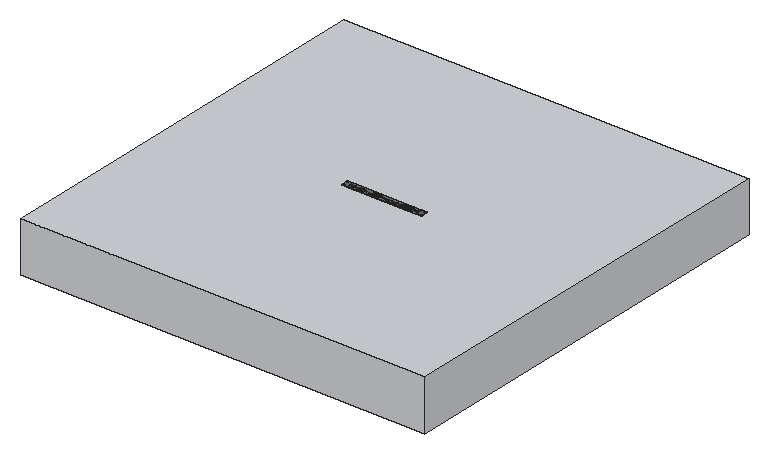
Revit family "Контроллер AGRG R2 RACK_на грани", category Электрооборудование, Revit 2019 (continued)
Definition of nested family "AGRG R2 RACK_на грани"
  Automatic sketch dimensions
    plane 6 to Extrusion 30 sketch curve = 30.716 mm
    level to Revolve 31 sketch curve = 1 mm
    plane 1 "По центру (Вперед/Назад)" to Revolve 31 sketch curve = 7.017 mm
    Revolve 31 sketch curve to Revolve 31 sketch curve = 2.045 mm
    Revolve 31 sketch curve to Revolve 31 sketch curve = 0.992 mm
    Revolve 31 sketch curve to Revolve 31 sketch curve = 0 mm  (x2)
    Revolve 31 sketch curve to Revolve 31 sketch curve = 2.629 mm
    level to Revolve 32 sketch curve = 1 mm
    plane 1 "По центру (Вперед/Назад)" to Revolve 32 sketch curve = 7.017 mm
    Revolve 32 sketch curve to Revolve 32 sketch curve = 2.045 mm
    Revolve 32 sketch curve to Revolve 32 sketch curve = 0.992 mm
    Revolve 32 sketch curve to Revolve 32 sketch curve = 0 mm  (x2)
    Revolve 32 sketch curve to Revolve 32 sketch curve = 2.629 mm
    level to Revolve 33 sketch curve = 1 mm
    plane 1 "По центру (Вперед/Назад)" to Revolve 33 sketch curve = 7.017 mm
    Revolve 33 sketch curve to Revolve 33 sketch curve = 2.045 mm
    Revolve 33 sketch curve to Revolve 33 sketch curve = 0.992 mm
    Revolve 33 sketch curve to Revolve 33 sketch curve = 0 mm  (x2)
    Revolve 33 sketch curve to Revolve 33 sketch curve = 2.629 mm
    Extrusion 34 sketch curve to plane 1 "По центру (Вперед/Назад)" = 7.924 mm  (x2)
    plane 6 to Extrusion 34 sketch curve = 101.32 mm
    Extrusion 34 sketch curve to Extrusion 34 sketch curve = 15.533 mm  (x4)
    Extrusion 34 sketch curve to Extrusion 34 sketch curve = 1.289 mm  (x3)
    Extrusion 34 sketch curve to plane 5 = 4.411 mm  (x3)
    Extrusion 34 sketch curve to Extrusion 34 sketch curve = 0 mm  (x3)
    Extrusion 35 sketch curve to plane 1 "По центру (Вперед/Назад)" = 7.924 mm  (x2)
    plane 6 to Extrusion 35 sketch curve = 101.32 mm
    Extrusion 35 sketch curve to Extrusion 35 sketch curve = 15.533 mm  (x4)
    Extrusion 35 sketch curve to Extrusion 35 sketch curve = 1.289 mm  (x3)
    Extrusion 35 sketch curve to plane 5 = 4.411 mm  (x3)
    Extrusion 35 sketch curve to Extrusion 35 sketch curve = 0 mm  (x3)
    plane 1 "По центру (Вперед/Назад)" to Extrusion 18 sketch curve = 1.5 mm  (x4)
    Extrusion 18 sketch curve to plane 3 "По центру (Влево/Вправо)" = 72.258 mm
    Extrusion 18 sketch curve to Extrusion 18 sketch curve = 8.203 mm
    Extrusion 18 sketch curve to Extrusion 18 sketch curve = 1.797 mm
    Extrusion 18 sketch curve to plane 1 "По центру (Вперед/Назад)" = 1.5 mm  (x4)
    Extrusion 18 sketch curve to Extrusion 18 sketch curve = 22.03 mm
    Extrusion 18 sketch curve to Extrusion 18 sketch curve = 1.464 mm
    Extrusion 18 sketch curve to Extrusion 18 sketch curve = 13.429 mm
    plane 6 to Extrusion 18 sketch curve = 25.573 mm
    Extrusion 18 sketch curve to Extrusion 18 sketch curve = 11.08 mm
    plane 1 "По центру (Вперед/Назад)" to Extrusion 17 sketch curve = 1.5 mm  (x4)
    Extrusion 17 sketch curve to plane 3 "По центру (Влево/Вправо)" = 72.258 mm
    Extrusion 17 sketch curve to Extrusion 17 sketch curve = 8.203 mm
    Extrusion 17 sketch curve to Extrusion 17 sketch curve = 1.797 mm
    Extrusion 17 sketch curve to plane 1 "По центру (Вперед/Назад)" = 1.5 mm  (x4)
    Extrusion 17 sketch curve to Extrusion 17 sketch curve = 22.03 mm
    Extrusion 17 sketch curve to Extrusion 17 sketch curve = 1.464 mm
    Extrusion 17 sketch curve to Extrusion 17 sketch curve = 13.429 mm
    plane 6 to Extrusion 17 sketch curve = 25.573 mm
    Extrusion 17 sketch curve to Extrusion 17 sketch curve = 11.08 mm
    plane 3 "По центру (Влево/Вправо)" to Extrusion 36 sketch curve = 16.539 mm
    Extrusion 36 sketch curve to plane 7 = 11.164 mm
    plane 3 "По центру (Влево/Вправо)" to Extrusion 37 sketch curve = 16.539 mm
    Extrusion 37 sketch curve to Extrusion 37 sketch curve = 1.629 mm
    Extrusion 37 sketch curve to Extrusion 37 sketch curve = 0 mm  (x22)
    Extrusion 37 sketch curve to Extrusion 37 sketch curve = 0.786 mm  (x9)
    Extrusion 37 sketch curve to Extrusion 37 sketch curve = 1.181 mm  (x9)
    Extrusion 37 sketch curve to Extrusion 37 sketch curve = 0.396 mm  (x6)
    Extrusion 37 sketch curve to Extrusion 37 sketch curve = 0.792 mm  (x6)
    Extrusion 37 sketch curve to Extrusion 37 sketch curve = 1.514 mm  (x9)
    Extrusion 37 sketch curve to Extrusion 37 sketch curve = 1.624 mm
    Extrusion 37 sketch curve to plane 7 = 11.164 mm
    Extrusion 37 sketch curve to Extrusion 37 sketch curve = 1.288 mm  (x2)
    Extrusion 37 sketch curve to Extrusion 37 sketch curve = 4.412 mm  (x2)
    Extrusion 37 sketch curve to Extrusion 37 sketch curve = 0.781 mm  (x12)
    Extrusion 37 sketch curve to Extrusion 37 sketch curve = 0.975 mm  (x6)
    Extrusion 37 sketch curve to Extrusion 37 sketch curve = 1.679 mm
    Extrusion 36 sketch curve to Extrusion 36 sketch curve = 25 mm
    plane 1 "По центру (Вперед/Назад)" to Extrusion 36 sketch curve = 1.5 mm
    Extrusion 38 sketch curve to Extrusion 38 sketch curve = 0 mm  (x23)
    Extrusion 38 sketch curve to Extrusion 38 sketch curve = 0.786 mm  (x9)
    Extrusion 38 sketch curve to Extrusion 38 sketch curve = 1.181 mm  (x9)
    Extrusion 38 sketch curve to Extrusion 38 sketch curve = 0.396 mm  (x6)
    Extrusion 38 sketch curve to Extrusion 38 sketch curve = 0.792 mm  (x6)
    Extrusion 38 sketch curve to Extrusion 38 sketch curve = 1.514 mm  (x9)
    Extrusion 38 sketch curve to Extrusion 38 sketch curve = 4.412 mm  (x2)
    Extrusion 38 sketch curve to Extrusion 38 sketch curve = 0.781 mm  (x12)
    Extrusion 38 sketch curve to Extrusion 38 sketch curve = 0.975 mm  (x6)
    plane 1 "По центру (Вперед/Назад)" to Extrusion 38 sketch curve = 4.936 mm
    plane 3 "По центру (Влево/Вправо)" to Extrusion 38 sketch curve = 18.169 mm
    radius of Extrusion 30 sketch curve = 2.045 mm
